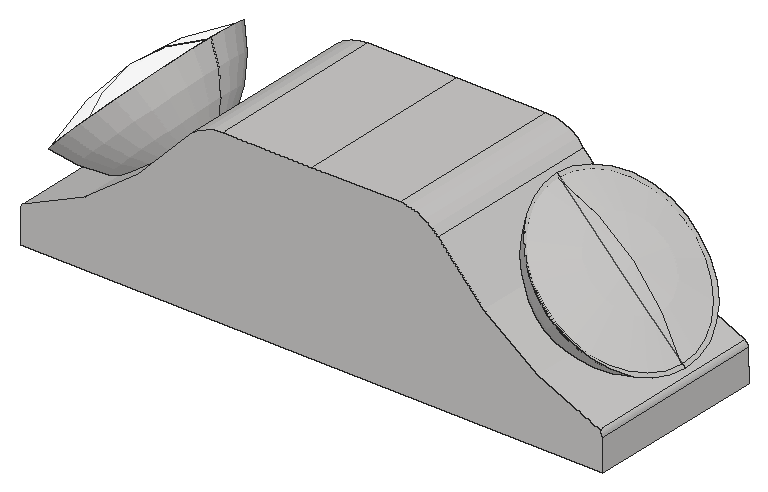
Revit family "EZ_2", category Lighting Fixtures, host Face, Revit 2014
Parameters (values of type "EZ_2")
  zz Length 1 [instance] = 0.200"
  Watts = 5.4 W
  Wattage Comments = "5.4W"
  Warranty = "Standard Model- Full 3 year warranty\r\nSpectron EZ-2I- Full 5 year warranty"  # constant formula
  Wall Plate Material = Hubbell - Steel
  Voltage [instance] = if(Is 120VAC, 120 V, 277 V)  # 120 V
  URL = "https://www.hubbell.com/dual-lite/en"
  Type Comments = "Exit Light"  # constant formula
  Product Page URL = "https://www.hubbell.com/dual-lite/en/Products/Lighting-Controls/Emergency-Exit-Lighting/Emergency-Lighting-Units/EZ-2-Series/p/208987"
  Product Documentation Link = "https://hubbellcdn.com/specsheet/ez_2_spec_sheet_0600653.pdf"
  Operating Temperature Range = "Standard Models: 688°F to 86°F (20° to 30°C), Damp Location Model: 32°F to 104°F (0° to 40°C)"  # constant formula
  Model = "EZ-2 Series"
  Manufacturer = "DUAL-LITE"  # constant formula
  Load Classification = Lighting
  Lens = Hubbell - Green Glass
  Length = 16.563"
  Lamp = "LED Lamp"  # constant formula
  Is 277VAC [instance] = not(Is 120VAC)  # no
  Is 120VAC [instance] = yes
  Holder Material = Hubbell - Steel
  Glass = Hubbell - light Glass
  Finish = Hubbell - White
  Standard Features = "• External push-to-test switch and AC-on indicator\r\n• Battery re-charge per UL time limits\r\n• Low voltage disconnect\r\n• Conduit entry knock-out located at the top center"  # constant formula
  Electronics = "Self-diagnostics monitors lamp status, lamp load transfer circuit and\r\nbattery capacity and displays any fault detection by means of a flashing code\r\n• Self-Test feature automatically runs a peiodic emergency test to ensure\r\nproper operation. Multi-color LED indicator provides visible fault detection\r\nand charging status\r\n• User initiated 1, 5, 30, or 60-minute system test feature\r\n• 15 minute re-transfer delay\r\n• Temperature compensated charger\r\n• AC Lock-out circuit\r\n• Automatic unit transfer in brown-out conditions(exceeding 20% of nominal)"  # constant formula
  Description = "The Dual-Lite EZ-2 is a unique and efficient self-contained emergency lighting unit designed to meet a variety of needs."  # constant formula
  Default Elevation = 48.000"
  Copyright = "© Hubbell Lighting, Inc.,"
  Certification = "UL 924 Listed\r\nNFPA 101 Life Safety Code\r\nCEC T20 Compliant"  # constant formula
  Application = "The EZ-2 series is a commercial emergency lighting unit designed for fast\r\nwall mount installation and reliable service. The EZ-2 has a flame-rated, UV\r\nstable thermoplastic housing and a bright while textured finish. Lamp-heads\r\nare fully adjustable. Unit provides a full 90 minutes of emergency lighting.\r\nIncludes fully automatic solid-state charger and lead calcium battery. The\r\nEZ-2 accepts 120/277VAC input. Available with optional Spectron self-test/\r\nself-diagnostic circuitry."  # constant formula
  Apparent Load = Watts  # 5.4 VA
Reference planes (in)
  plane 1 "Center (Front/Back)": y = 0
  plane 2: z = 0
  plane 3 "Center (Left/Right)": x = 0
  plane 4: x = -8.2815
  plane 5: x = 8.2815
  plane 6: y = 4.25
  plane 7: y = -4.25
  plane 8: z = 4.875
Forms (in)
  Extrusion 1, solid, material "Hubbell - Steel" <- "Holder Material"
    sketch origin (0, 0, 0) x (1, 0, 0) y (0, 0, 1)
      loop
        line (-8.2815, 0) -> (8.2815, 0) -> (8.2815, 0.89678)
        arc (8.2815, 0.89678) -> (8.25853, 0.99498) -> (8.19437, 1.0728) r 0.22136
        arc (8.19437, 1.0728) -> (5.65148, 2.38474) -> (3.58385, 4.36271) r 10.00649
        arc (3.58385, 4.36271) -> (3.11718, 4.74012) -> (2.53236, 4.875) r 1.33526
        line (2.53236, 4.875) -> (0, 4.875) -> (-2.53236, 4.875)
        arc (-2.53236, 4.875) -> (-3.11718, 4.74012) -> (-3.58385, 4.36271) r 1.33526
        arc (-3.58385, 4.36271) -> (-5.65148, 2.38474) -> (-8.19437, 1.0728) r 10.00649
        arc (-8.19437, 1.0728) -> (-8.25853, 0.99498) -> (-8.2815, 0.89678) r 0.22136
        line (-8.2815, 0.89678) -> (-8.2815, 0)
    from 0 to 5.188
  Revolve 2, solid, material "Hubbell - light Glass" <- "Glass"
    sketch origin (0.2381, -2.6563, -0.14454) x (1, 0, 0) y (0, 0, 1)
      loop
        arc (8.28647, 1.86682) -> (7.71762, 3.02378) -> (6.92367, 4.03957) r 6.25598
        line (6.92367, 4.03957) -> (6.5187, 3.63459) -> (8.28647, 1.86682)
      axis (6.5187, 3.63459) -> (6.92367, 4.03957)
    angle from 0 to 360
  Revolve 3, solid, material "Hubbell - Steel" <- "Holder Material"
    sketch origin (0, -2.625, 0) x (1, 0, 0) y (0, 0, 1)
      loop
        arc (4.92055, 5.3263) -> (4.6411, 4.26161) -> (4.69308, 3.1621) r 3.63585
        line (4.69308, 3.1621) -> (5.65148, 2.38474) -> (6.7568, 3.49005) -> (4.92055, 5.3263)
      axis (6.7568, 3.49005) -> (5.56096, 2.29422)
    angle from 0 to 360
  Revolve 4, solid, material "Hubbell - light Glass" <- "Glass"
    sketch origin (-0.2381, -2.6563, -0.14454) x (-1, 0, 0) y (0, 0, -1)
      loop
        line (8.28647, -1.86682) -> (6.5187, -3.63459) -> (6.92367, -4.03957)
        arc (6.92367, -4.03957) -> (7.71762, -3.02378) -> (8.28647, -1.86682) r 6.25598
      axis (6.5187, -3.63459) -> (6.92367, -4.03957)
    angle from 0 to 360
  Revolve 5, solid, material "Hubbell - Steel" <- "Holder Material"
    sketch origin (0, -2.625, 0) x (-1, 0, 0) y (0, 0, -1)
      loop
        line (4.92055, -5.3263) -> (6.7568, -3.49005) -> (5.65148, -2.38474) -> (4.69308, -3.1621)
        arc (4.69308, -3.1621) -> (4.6411, -4.26161) -> (4.92055, -5.3263) r 3.63585
      axis (6.7568, -3.49005) -> (5.56096, -2.29422)
    angle from 0 to 360
Dimensions and locks (in)
  "Length": plane 5 to plane 4
  equal spacing: plane 5, plane 3 "Center (Left/Right)", plane 4
  plane 8 to plane 2 = 4.875"
  aligned and locked: plane 2 to host face
  aligned and locked: level to host face
Automatic sketch dimensions
  host sketch curve to host sketch curve = 96.000"  (x2)
  Extrusion 1 sketch curve to plane 4 = 0.000"
  Extrusion 1 sketch curve to plane 8 = 0.000"
  Extrusion 1 sketch curve to plane 3 "Center (Left/Right)" = 0.000"
  Extrusion 1 sketch curve to level = 0.000"
  Extrusion 1 sketch curve to plane 5 = 0.000"
  Extrusion 1 sketch curve to plane 4 = 3.18226"
  plane 4 to Extrusion 1 sketch curve = 0.22136"
  Extrusion 1 sketch curve to plane 3 "Center (Left/Right)" = 2.53236"
  plane 3 "Center (Left/Right)" to Extrusion 1 sketch curve = 2.53236"
  Extrusion 1 sketch curve to Extrusion 1 sketch curve = 0.22136"
  plane 5 to Extrusion 1 sketch curve = 3.18226"
  level to Extrusion 1 sketch curve = 0.89678"  (x2)
  Extrusion 1 sketch curve to plane 8 = 1.33526"  (x2)
  plane 8 to Extrusion 1 sketch curve = 5.65512"  (x2)
  plane 4 to Extrusion 1 sketch curve = 0.08713"
  Extrusion 1 sketch curve to Extrusion 1 sketch curve = 0.000"
  Revolve 2 sketch curve to level = 0.44489"
  plane 3 "Center (Left/Right)" to Revolve 2 sketch curve = 2.65595"
  Revolve 2 sketch curve to plane 5 = 1.5247"
  Revolve 2 sketch curve to Revolve 2 sketch curve = 0.40498"
  plane 5 to Revolve 2 sketch curve = 0.24307"
  level to Revolve 2 sketch curve = 1.72227"
  level to Revolve 2 sketch curve = 1.23208"
  Revolve 2 sketch curve to Revolve 2 sketch curve = 1.84288"
  Revolve 2 sketch curve to plane 5 = 0.07036"
  plane 8 to Revolve 2 sketch curve = 0.06939"
  Revolve 4 sketch curve to level = 0.44489"
  Revolve 4 sketch curve to plane 3 "Center (Left/Right)" = 2.65595"
  plane 4 to Revolve 4 sketch curve = 1.5247"
  Revolve 4 sketch curve to Revolve 4 sketch curve = 0.40498"
  Revolve 4 sketch curve to plane 4 = 0.24307"
  level to Revolve 4 sketch curve = 1.72227"
  level to Revolve 4 sketch curve = 1.23208"
  Revolve 4 sketch curve to Revolve 4 sketch curve = 1.84288"
  plane 4 to Revolve 4 sketch curve = 0.07036"
  plane 8 to Revolve 4 sketch curve = 0.06939"
  plane 8 to Revolve 3 sketch curve = 0.4513"
  Revolve 3 sketch curve to Revolve 3 sketch curve = 0.22747"
  Revolve 3 sketch curve to Revolve 3 sketch curve = 0.9584"
  Revolve 3 sketch curve to plane 5 = 0.02446"
  Revolve 3 sketch curve to Revolve 3 sketch curve = 0.77736"
  level to Revolve 3 sketch curve = 1.10814"
  Revolve 3 sketch curve to Revolve 3 sketch curve = 1.27659"
  Revolve 3 sketch curve to plane 5 = 1.5247"
  Revolve 3 sketch curve to Revolve 3 sketch curve = 0.26974"  (x2)
  Revolve 3 sketch curve to Revolve 3 sketch curve = 1.10532"  (x2)
  plane 8 to Revolve 5 sketch curve = 0.4513"
  Revolve 5 sketch curve to Revolve 5 sketch curve = 0.22747"
  Revolve 5 sketch curve to Revolve 5 sketch curve = 0.9584"
  plane 4 to Revolve 5 sketch curve = 0.02446"
  Revolve 5 sketch curve to Revolve 5 sketch curve = 0.77736"
  level to Revolve 5 sketch curve = 1.10814"
  Revolve 5 sketch curve to Revolve 5 sketch curve = 1.27659"
  Revolve 5 sketch curve to Revolve 5 sketch curve = 0.26974"  (x2)
  Revolve 5 sketch curve to plane 8 = 1.38495"
  Revolve 5 sketch curve to Revolve 5 sketch curve = 1.10532"
  Revolve 5 sketch curve to Revolve 5 sketch curve = 0.12177"
Nested families (in)
  nested 1: "Family1" at (8.5068, -2.625, 1.49005), type "Family1"
  nested 2: "Family1" at (-8.5068, -2.625, 1.49005) x (-1, 0, 0) z (0, 0, 1), type "Family1"
Connectors (in)
  electrical at (0, -2.594, 0)
    settings: on Extrusion 1, index 2, voltage 0 V, apparent load 0 VA, apparent load phase1 0 VA, apparent load phase2 0 VA, apparent load phase3 0 VA, power factor 1, load classification "Other", number of poles 1, system type 30, power factor state 1, is connector primary yes, connector utility no, sub classification motor no, connector description ""
Definition of nested family "Family1"
  Parameters (values of type "Family1")
    Wattage = 6 W
    built-in parameter 1150110 = 1 (stored number, unit not read)
    built-in parameter 1114217 = 1 (stored number, unit not read)
    Tilt Angle = 60.00°
    built-in parameter 1150109 = 1 (stored number, unit not read)
    built-in parameter 1150134 = (empty or 0)
    built-in parameter 1150113 = 1 (stored number, unit not read)
    Photometric Web File = "ez-2-0605.ies"
    Lumens = 600 lm
    built-in parameter 1150115 = 1 (stored number, unit not read)
    built-in parameter 1150105 = 47.746 (stored number, unit not read)
    built-in parameter 1150137 = (empty or 0)
    built-in parameter 1150139 = (empty or 0)
    built-in parameter 1150112 = 1 (stored number, unit not read)
    built-in parameter 1150114 = 1 (stored number, unit not read)
    built-in parameter 1150132 = (empty or 0)
    built-in parameter 1150102 = (empty or 0)
    built-in parameter 1150138 = (empty or 0)
    built-in parameter 1150107 = 3000 (stored number, unit not read)
    built-in parameter 1150106 = 0.47746 (stored number, unit not read)
    built-in parameter 1150104 = 9.2903 (stored number, unit not read)
    Dimming Lamp Color Temperature Shift = (empty or 0)
    Color Filter = 16777215
    built-in parameter 1114218 = 1 (stored number, unit not read)
    built-in parameter 1150133 = 10 (stored number, unit not read)
  Reference planes (in)
    plane 1 "Light Source Axis (F/B)": y = 0
    plane 2: z = 0
    plane 3 "Light Source Axis (L/R)": x = 0
    plane 4 "Light Source Elevation": z = 16.17716
  Dimensions and locks (in)
    aligned and locked: plane 1 "Light Source Axis (F/B)" to imposter light
    aligned and locked: level to plane 2
